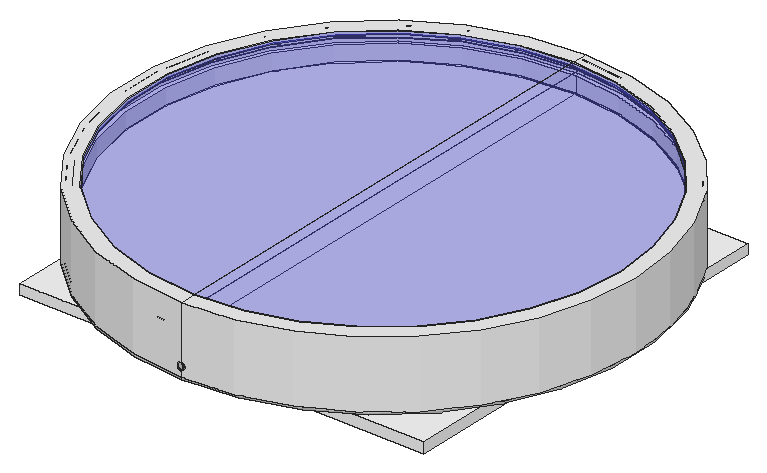
Revit family "BE_34022.1_de_DE", category Leuchten, Revit 2020
Family settings
  Basisbauteil = Fläche
  Bemaßung runder Anschluss = Durchmesser verwenden
  Teiletyp = Normal
  Beim Laden mit Abzugskörper schneiden = Ja
  Lichtquelle = Ja
  Gemeinsam genutzt = Nein
  Raumberechnungspunkt = Ja
Parameters (values of type "BEGA_34022.1_K3")
  built-in parameter 1150104 = 16.072 (stored number, unit not read)
  Wattage = 67.2 W
  Default Elevation = 0 mm
  built-in parameter 1150113 = 1 (stored number, unit not read)
  built-in parameter 1114218 = 1 (stored number, unit not read)
  Umgebungstemperatur = "25 °C"
  URL = "http://www.bega.de/de/produkt/34022.1"
  Typenkommentare = "© 2022 BEGA. Wir behalten uns das Recht vor, technische Änderungen ohne vorherige Ankündigung vorzunehmen."  # constant formula
  built-in parameter 1150134 = 12
  built-in parameter 1150109 = 1 (stored number, unit not read)
  Strom = ""
  built-in parameter 1150110 = 1 (stored number, unit not read)
  Spannung = 239.996 V
  Sonderanfertigung = no
  Seriennummer [instance] = "Hier können Sie die eindeutige Seriennummer für das Facility Management eintragen."
  Schutzklasse = "I"
  Schutzart = "IP 20"
  Scheinlast = 0 VA
  Produktdatenblatt = "http://www.bega.de/download/Xrfa/db/34022.1.db.de.pdf"
  Oberflächentemperatur = ""
  Neigungswinkel = 0.00°
  Model = "34022.1K4"
  Material_17 = BEGA_Reflektor
  Material_15 = BEGA_Leuchtmedium_matt
  Material_11 = BEGA_Glas_opal
  Material_09 = BEGA_Glas_klar
  Material_06 = BEGA_Oberfläche_Edelstahl_gebürstet
  Material_03 = BEGA_Oberfläche_Weiss_matt
  Material_02 = BEGA_Oberfläche_Silber_matt
  Material_01 [instance] = BEGA_Oberfläche_Grafit_matt
  M_W = no
  M_G = no
  M_A = no
  Logo = 0
  built-in parameter 1114217 = 1 (stored number, unit not read)
  built-in parameter 1150139 = (empty or 0)
  built-in parameter 1150105 = 925.14 (stored number, unit not read)
  built-in parameter 1150114 = 1 (stored number, unit not read)
  Lumens = 11625.6 lm
  built-in parameter 1150115 = 1 (stored number, unit not read)
  Leuchtenlichtstrom = "6347 lm"
  Leuchtenanzahl = ""
  Lebensdauerkriterien = "L70B50 @ 25 °C = 404000 h"
  Lastklassifizierung = Beleuchtung
  built-in parameter 1150112 = 1 (stored number, unit not read)
  Lampenlichtstrom = "11670 lm"
  Lampe = "LED 67.2 W"
  LED_Modulbezeichnung = "6x LED-0729/940"
  Hersteller = "BEGA"  # constant formula
  Halbstreuwinkel = ""
  Gewicht = "11.1 kg"
  Gebrauchslageneinschränkung [instance] = ""
  Frequenz = "0/50-60 Hz"
  Farbwiedergabeindex = "CRI > 90"
  Farbtemperaturverschiebung bei Dämpfen der Lampe = <Keine Auswahl>
  Farbtemperatur = "4000 K"
  Color Filter = 16777215
  built-in parameter 1150133 = 10 (stored number, unit not read)
  Energieeffizienzklasse = "LED A++ - A"
  built-in parameter 1150137 = (empty or 0)
  built-in parameter 1150132 = (empty or 0)
  ENEC = ""
  Dimmbar [instance] = "DALI"
  Photometric Web File = "BE_34022K4.IES"
  CE_Konformität = "ja"
  Bestellnummer = "34022.1K4"
  Beschreibung_Sonderanfertigung = "Hier können Sie Informationen zur Sonderanfertigung eintragen."
  Beschreibung = "Decken- und Wandleuchte"
  built-in parameter 1150106 = 9.2514 (stored number, unit not read)
  Befestigungsbohrung = ""
  Befestigungsabstand = ""
  Ballwurfsicher = ""
  BEGA_Intern_aus = yes
  BEGA_Intern_an = yes
  BEGA_Intern_Konstruktion = yes
  BEGA_Intern = yes
  BEGA_IES = yes
  BEGA_Dummy = no
  Anschlussleitung = ""
  Anschlussleistung [instance] = "76.4 W"
  Anschlusskasten = ""
  built-in parameter 1150107 = 4000 (stored number, unit not read)
  built-in parameter 1150102 = (empty or 0)
  built-in parameter 1150138 = (empty or 0)
  Aktualisierung = "2019-10-09T04:00:11"
  Abstand_zur_angestrahlten_Fläche [instance] = ""
  AC/DC = "AC/DC"
Reference planes
  plane 1 "Mitte (Vorne/Hinten)": y = 0
  plane 2: z = 0
  plane 3 "Mitte (Links/Rechts)": x = 0
  plane 4 "Links": x = -250
  plane 5 "Rechts": x = 250
  plane 6 "Unten": y = -250
  plane 7 "Oben": y = 250
  plane 8 "Vorne": z = 75.3
  plane 9 "Hinten": z = 0
Forms (mm)
  Extrusion 1, solid, material "BEGA_Platte_Weiss"
    sketch origin (0, -1119.2, 0) x (1, 0, 0) y (0, 1, 0)
      loop
        line (-200, 1319.2) -> (-200, 919.2) -> (200, 919.2) -> (200, 1319.2) -> (-200, 1319.2)
    from 0 to -10
  Extrusion 2, solid, material "BEGA_Dummy_matt", visible <- "BEGA_Dummy"
    sketch origin (77.149, -76.023, 0) x (1, 0, 0) y (0, 1, 0)
      loop
        circle (-77.149, 76.023) r 250
    from 0 to 75.3
Dimensions and locks
  plane 1 "Mitte (Vorne/Hinten)" to Extrusion 1 = 200 mm
  aligned and locked: plane 2 to Extrusion 1
  aligned and locked: level to Extrusion 1
Nested families
  nested 1: "BE_34022.1" at (0, 0, 0) x (0, 1, 0) z (0, 0, 1), type "BE_34022.1"
Connectors
  electrical at (0, 0, 0), driven by "Lastklassifizierung", driven by "Spannung", driven by "Scheinlast"
    settings: index 1, voltage 239.996 V, apparent load 0 VA, apparent load phase1 0 VA, apparent load phase2 0 VA, apparent load phase3 0 VA, power factor 1, load classification "Beleuchtung", number of poles 1, system type 31, power factor state 1, is connector primary yes, connector utility no, sub classification motor no, connector description ""
Definition of nested family "BE_34022.1"
  Parameters (values of type "BE_34022.1")
    Default Elevation = 1 mm
    URL = "http://www.bega.de/de/produkt"
    Type Comments = "© 2015 BEGA. Wir behalten uns das Recht vor, technische Änderungen ohne vorherige Ankündigung vorzunehmen. "  # constant formula
    Type Image = (empty or 0)
    Neigungswinkel_um_Z2 = 0.00°
    Neigungswinkel_um_Z1 = 0.00°
    Neigungswinkel_um_Y2 = 0.00°
    Neigungswinkel_um_Y1 = 0.00°
    Neigungswinkel_um_X2 = 0.00°
    Neigungswinkel_um_X1 = 0.00°
    Material_17 = none
    Material_15 = none
    Material_11 = none
    Material_09 = none
    Material_06 = none
    Material_05 = none
    Material_03 = none
    Material_02 = none
    Material_01 = none
    M_W = yes
    M_G = yes
    M_A = yes
    Länge_Platte = 700 mm  # constant formula
    Höhe_Platte = -10 mm  # constant formula
    Manufacturer = "BEGA"  # constant formula
    Drehwinkel_um_Z2 = 0.00°
    Drehwinkel_um_Z1 = 0.00°
    Breite_Platte = 700 mm  # constant formula
  Reference planes
    plane 1 "Mitte (Oben/Unten)": y = 0
    plane 2: z = 0
    plane 3 "Mitte (Links/Rechts)": x = 0
    plane 4: x = -250
    plane 5: x = 250
    plane 6: z = 75.5
    plane 7: y = -250
    plane 8: y = 250
  Forms (mm)
    Extrusion 1, solid, detail levels medium
      sketch origin (0, 0, 0) x (1, 0, 0) y (0, 1, 0)
        loop
          line (-350, 350) -> (-350, -350) -> (350, -350) -> (350, 350) -> (-350, 350)
      from 0 to -10 <- "Höhe_Platte"
    Extrusion 2, solid, material <- "Material_03", detail levels medium+fine
      sketch origin (0, 0, 0) x (1, 0, 0) y (0, 0, 1)
        loop
          line (-208.75, 37.3) -> (-211.75, 37.3) -> (-211.75, 8.3)
          arc (-211.75, 8.3) -> (-210.578, 5.472) -> (-207.75, 4.3) r 4
          line (-207.75, 4.3) -> (7.28, 4.3) -> (7.28, 7.3) -> (-207.75, 7.3)
          arc (-207.75, 7.3) -> (-208.457, 7.593) -> (-208.75, 8.3) r 1
          line (-208.75, 8.3) -> (-208.75, 37.3)
        loop
          line (100.806, 4.3) -> (217.25, 4.3) -> (217.25, 7.3) -> (100.806, 7.3) -> (100.806, 4.3)
      from -68 to 68
    Extrusion 3, solid, material <- "Material_03", detail levels medium+fine
      sketch origin (0, 0, 0) x (1, 0, 0) y (0, 0, 1)
        loop
          line (100.806, 4.3) -> (7.28, 4.3) -> (7.28, 0.3) -> (100.806, 0.3) -> (100.806, 4.3)
      from -170.471 to 171.085
    Revolve 4, solid, material <- "Material_03", detail levels medium+fine
      sketch origin (0, 0, 0) x (1, 0, 0) y (0, 0, 1)
        loop
          line (165.473, 4.3) -> (170.908, 0) -> (174.5, 0) -> (174.5, 3.044) -> (171.895, 3.044) -> (166.6, 7.3) -> (163.018, 7.3) -> (163.018, 4.3) -> (165.473, 4.3)
        axis (177.25, 0) -> (177.25, 7.3)
      angle from 0 to 360
    Revolve 5, solid, material <- "Material_03", detail levels medium+fine
      sketch origin (-50, 30, 0) x (1, 0, 0) y (0, 0, 1)
        loop
          line (165.473, 4.3) -> (170.908, 0) -> (174.5, 0) -> (174.5, 3.044) -> (171.895, 3.044) -> (166.6, 7.3) -> (163.018, 7.3) -> (163.018, 4.3) -> (165.473, 4.3)
        axis (177.25, 0) -> (177.25, 7.3)
      angle from 0 to 360
    Revolve 6, solid, material <- "Material_03", detail levels medium+fine
      sketch origin (-50, -30, 0) x (1, 0, 0) y (0, 0, 1)
        loop
          line (165.473, 4.3) -> (170.908, 0) -> (174.5, 0) -> (174.5, 3.044) -> (171.895, 3.044) -> (166.6, 7.3) -> (163.018, 7.3) -> (163.018, 4.3) -> (165.473, 4.3)
        axis (177.25, 0) -> (177.25, 7.3)
      angle from 0 to 360
    Revolve 7, solid, material <- "Material_03", detail levels medium+fine
      sketch origin (-235, 0, 0) x (1, 0, 0) y (0, 0, 1)
        loop
          line (165.473, 4.3) -> (170.908, 0) -> (174.5, 0) -> (174.5, 3.044) -> (171.895, 3.044) -> (166.6, 7.3) -> (163.018, 7.3) -> (163.018, 4.3) -> (165.473, 4.3)
        axis (177.25, 0) -> (177.25, 7.3)
      angle from 0 to 360
    Revolve 8, solid, material <- "Material_03", detail levels medium+fine
      sketch origin (-360, -40, 0) x (1, 0, 0) y (0, 0, 1)
        loop
          line (165.473, 4.3) -> (170.908, 0) -> (174.5, 0) -> (174.5, 3.044) -> (171.895, 3.044) -> (166.6, 7.3) -> (163.018, 7.3) -> (163.018, 4.3) -> (165.473, 4.3)
        axis (177.25, 0) -> (177.25, 7.3)
      angle from 0 to 360
    Revolve 9, solid, material <- "Material_03", detail levels medium+fine
      sketch origin (-360, 40, 0) x (1, 0, 0) y (0, 0, 1)
        loop
          line (165.473, 4.3) -> (170.908, 0) -> (174.5, 0) -> (174.5, 3.044) -> (171.895, 3.044) -> (166.6, 7.3) -> (163.018, 7.3) -> (163.018, 4.3) -> (165.473, 4.3)
        axis (177.25, 0) -> (177.25, 7.3)
      angle from 0 to 360
    Revolve 10, solid, material <- "Material_03", detail levels medium+fine
      sketch origin (0, 0, 0) x (1, 0, 0) y (0, 0, 1)
        loop
          line (-235, 72.5) -> (-235, 75.5) -> (-250, 75.5) -> (-250, 9)
          arc (-250, 9) -> (-248.975, 6.525) -> (-246.5, 5.5) r 3.5
          arc (-246.5, 5.5) -> (-245.892, 5.553) -> (-245.303, 5.711) r 3.5
          line (-245.303, 5.711) -> (-241.5, 7.095) -> (-242.526, 9.914) -> (-246.329, 8.53)
          arc (-246.329, 8.53) -> (-246.787, 8.591) -> (-247, 9) r 0.5
          line (-247, 9) -> (-247, 71.5)
          arc (-247, 71.5) -> (-246.707, 72.207) -> (-246, 72.5) r 1
          line (-246, 72.5) -> (-235, 72.5)
        axis (0, 5.5) -> (0, 75.5)
      angle from 0 to 360
    Revolve 11, solid, material <- "Material_03", detail levels medium+fine
      sketch origin (0, 0, 0) x (1, 0, 0) y (0, 0, 1)
        loop
          line (-241, 62.5) -> (-241, 47.302)
          arc (-241, 47.302) -> (-239.682, 44.12) -> (-236.5, 42.8) r 4.5
          line (-236.5, 42.8) -> (0, 42.8) -> (0, 46.8) -> (-236.5, 46.8)
          arc (-236.5, 46.8) -> (-236.854, 46.947) -> (-237, 47.3) r 0.5
          line (-237, 47.3) -> (-237, 62.5) -> (-241, 62.5)
        axis (0, 42.8) -> (0, 62.5)
      angle from 0 to 360
    Revolve 12, solid, material <- "Material_11", detail levels medium+fine
      sketch origin (0, 0, 0) x (1, 0, 0) y (0, 0, 1)
        loop
          arc (-234, 71.5) -> (-234.146, 71.147) -> (-234.5, 71) r 0.5
          line (-234.5, 71) -> (-241, 71) -> (-241, 65.3) -> (0, 65.3) -> (0, 75.3) -> (-234, 75.3) -> (-234, 71.5)
        axis (0, 65.3) -> (0, 75.3)
      angle from 0 to 360
    Extrusion 13, void
      sketch origin (0, 0, 0) x (1, 0, 0) y (0, 1, 0)
        loop
          circle (-12.75, 12) r 8.5
        loop
          circle (-12.75, 47) r 8.5
      from 0 to 11.8
    Revolve 14, void
      sketch origin (0, 0, 0) x (1, 0, 0) y (0, 0, 1)
        loop
          line (-244.826, 23) -> (-250.623, 23) -> (-250.623, 19) -> (-244.826, 19) -> (-244.826, 23)
        axis (-250.623, 19) -> (-244.826, 19)
      angle from 0 to 360
    Revolve 15, solid, material <- "Material_06", detail levels fine
      sketch origin (0, 0, 0) x (1, 0, 0) y (0, 0, 1)
        loop
          line (-247, 22.25) -> (-250, 21.75) -> (-250, 19) -> (-199.59, 19) -> (-199.59, 22.25) -> (-228, 22.25) -> (-234.7, 25) -> (-247, 25) -> (-247, 22.25)
        axis (-250, 19) -> (-199.59, 19)
      angle from 0 to 360
  Cuts and joins
    Extrusion 13 cuts Extrusion 2
    Extrusion 13 cuts Extrusion 3
    Extrusion 13 cuts Revolve 4
    Extrusion 13 cuts Revolve 5
    Extrusion 13 cuts Revolve 6
    Extrusion 13 cuts Revolve 7
    Extrusion 13 cuts Revolve 8
    Extrusion 13 cuts Revolve 9
    Extrusion 13 cuts Revolve 11
    joined: Extrusion 2, Extrusion 3, Revolve 4, Revolve 5, Revolve 6, Revolve 7, Revolve 8, Revolve 9, Revolve 11
    Revolve 14 cuts Revolve 10
  Dimensions and locks
    equal spacing: Extrusion 1 sketch curve, plane 3 "Mitte (Links/Rechts)", Extrusion 1 sketch curve
    equal spacing: Extrusion 1 sketch curve, plane 1 "Mitte (Oben/Unten)", Extrusion 1 sketch curve
    "Länge_Platte": Extrusion 1 sketch curve to Extrusion 1 sketch curve
    "Breite_Platte": Extrusion 1 sketch curve to Extrusion 1 sketch curve
    aligned and locked: Extrusion 1 to plane 2
    aligned and locked: level to Extrusion 1
  Automatic sketch dimensions
    Extrusion 2 sketch curve to Extrusion 2 sketch curve = 0 mm  (x2)
    Extrusion 2 sketch curve to Extrusion 2 sketch curve = 3 mm
    Extrusion 2 sketch curve to Extrusion 2 sketch curve = 1 mm
    plane 3 "Mitte (Links/Rechts)" to Extrusion 2 sketch curve = 7.28 mm
    level to Extrusion 2 sketch curve = 7.3 mm
    Extrusion 2 sketch curve to Extrusion 2 sketch curve = 93.526 mm
    level to Extrusion 2 sketch curve = 4.3 mm  (x2)
    Extrusion 2 sketch curve to Extrusion 2 sketch curve = 29 mm
    plane 3 "Mitte (Links/Rechts)" to Extrusion 3 sketch curve = 7.28 mm
    level to Extrusion 3 sketch curve = 0.3 mm
    Extrusion 3 sketch curve to Extrusion 3 sketch curve = 93.526 mm
    Extrusion 3 sketch curve to Extrusion 3 sketch curve = 4 mm
    Revolve 4 sketch curve to level = 0 mm
    level to Revolve 4 sketch curve = 4.3 mm
    Revolve 4 sketch curve to Revolve 4 sketch curve = 2.456 mm
    Revolve 4 sketch curve to Revolve 4 sketch curve = 1.127 mm
    Revolve 4 sketch curve to Revolve 4 sketch curve = 5.434 mm
    Revolve 4 sketch curve to Revolve 4 sketch curve = 0.988 mm
    Revolve 4 sketch curve to Revolve 4 sketch curve = 3.592 mm
    Revolve 4 sketch curve to Revolve 4 sketch curve = 3.044 mm
    Revolve 4 sketch curve to Revolve 4 sketch curve = 3 mm
    Revolve 4 sketch curve to Revolve 4 sketch curve = 2.75 mm
    Revolve 4 sketch curve to level = 1.26 mm
    Revolve 4 sketch curve to Revolve 4 sketch curve = 2.283 mm
    Revolve 5 sketch curve to level = 0 mm
    level to Revolve 5 sketch curve = 4.3 mm
    Revolve 5 sketch curve to Revolve 5 sketch curve = 2.456 mm
    Revolve 5 sketch curve to Revolve 5 sketch curve = 1.127 mm
    Revolve 5 sketch curve to Revolve 5 sketch curve = 5.434 mm
    Revolve 5 sketch curve to Revolve 5 sketch curve = 0.988 mm
    Revolve 5 sketch curve to Revolve 5 sketch curve = 3.592 mm
    Revolve 5 sketch curve to Revolve 5 sketch curve = 3.044 mm
    Revolve 5 sketch curve to Revolve 5 sketch curve = 3 mm
    Revolve 5 sketch curve to Revolve 5 sketch curve = 2.75 mm
    Revolve 5 sketch curve to level = 1.26 mm
    Revolve 5 sketch curve to Revolve 5 sketch curve = 2.283 mm
    Revolve 6 sketch curve to level = 0 mm
    level to Revolve 6 sketch curve = 4.3 mm
    Revolve 6 sketch curve to Revolve 6 sketch curve = 2.456 mm
    Revolve 6 sketch curve to Revolve 6 sketch curve = 1.127 mm
    Revolve 6 sketch curve to Revolve 6 sketch curve = 5.434 mm
    Revolve 6 sketch curve to Revolve 6 sketch curve = 0.988 mm
    Revolve 6 sketch curve to Revolve 6 sketch curve = 3.592 mm
    Revolve 6 sketch curve to Revolve 6 sketch curve = 3.044 mm
    Revolve 6 sketch curve to Revolve 6 sketch curve = 3 mm
    Revolve 6 sketch curve to Revolve 6 sketch curve = 2.75 mm
    Revolve 6 sketch curve to level = 1.26 mm
    Revolve 6 sketch curve to Revolve 6 sketch curve = 2.283 mm
    Revolve 7 sketch curve to level = 0 mm
    level to Revolve 7 sketch curve = 4.3 mm
    Revolve 7 sketch curve to plane 3 "Mitte (Links/Rechts)" = 71.982 mm
    Revolve 7 sketch curve to Revolve 7 sketch curve = 2.456 mm
    Revolve 7 sketch curve to Revolve 7 sketch curve = 1.127 mm
    Revolve 7 sketch curve to Revolve 7 sketch curve = 5.434 mm
    Revolve 7 sketch curve to Revolve 7 sketch curve = 0.988 mm
    Revolve 7 sketch curve to Revolve 7 sketch curve = 3.592 mm
    Revolve 7 sketch curve to Revolve 7 sketch curve = 3.044 mm
    Revolve 7 sketch curve to Revolve 7 sketch curve = 3 mm
    Revolve 7 sketch curve to Revolve 7 sketch curve = 2.75 mm
    Revolve 7 sketch curve to level = 1.26 mm
    Revolve 7 sketch curve to Revolve 7 sketch curve = 2.283 mm
    Revolve 8 sketch curve to level = 0 mm
    Revolve 8 sketch curve to Revolve 8 sketch curve = 2.456 mm
    Revolve 8 sketch curve to Revolve 8 sketch curve = 1.127 mm
    Revolve 8 sketch curve to Revolve 8 sketch curve = 5.434 mm
    Revolve 8 sketch curve to Revolve 8 sketch curve = 0.988 mm
    Revolve 8 sketch curve to Revolve 8 sketch curve = 3.592 mm
    Revolve 8 sketch curve to Revolve 8 sketch curve = 3.044 mm
    level to Revolve 8 sketch curve = 4.3 mm
    Revolve 8 sketch curve to Revolve 8 sketch curve = 3 mm
    Revolve 8 sketch curve to Revolve 8 sketch curve = 2.75 mm
    Revolve 8 sketch curve to level = 1.26 mm
    Revolve 8 sketch curve to Revolve 8 sketch curve = 2.283 mm
    Revolve 9 sketch curve to level = 0 mm
    Revolve 9 sketch curve to Revolve 9 sketch curve = 2.456 mm
    Revolve 9 sketch curve to Revolve 9 sketch curve = 1.127 mm
    Revolve 9 sketch curve to Revolve 9 sketch curve = 5.434 mm
    Revolve 9 sketch curve to Revolve 9 sketch curve = 0.988 mm
    Revolve 9 sketch curve to Revolve 9 sketch curve = 3.592 mm
    Revolve 9 sketch curve to Revolve 9 sketch curve = 3.044 mm
    level to Revolve 9 sketch curve = 4.3 mm
    Revolve 9 sketch curve to Revolve 9 sketch curve = 3 mm
    Revolve 9 sketch curve to Revolve 9 sketch curve = 2.75 mm
    Revolve 9 sketch curve to level = 1.26 mm
    Revolve 9 sketch curve to Revolve 9 sketch curve = 2.283 mm
    Revolve 10 sketch curve to Revolve 10 sketch curve = 0 mm  (x13)
    Revolve 10 sketch curve to plane 3 "Mitte (Links/Rechts)" = 0 mm
    level to Revolve 10 sketch curve = 7.095 mm
    level to Revolve 10 sketch curve = 9.914 mm
    Revolve 10 sketch curve to Revolve 10 sketch curve = 1.026 mm
    Revolve 10 sketch curve to Revolve 10 sketch curve = 11 mm
    Revolve 10 sketch curve to Revolve 10 sketch curve = 3.974 mm
    Revolve 10 sketch curve to Revolve 10 sketch curve = 1 mm
    Revolve 10 sketch curve to Revolve 10 sketch curve = 4 mm
    Revolve 10 sketch curve to Revolve 10 sketch curve = 0.914 mm
    Revolve 10 sketch curve to Revolve 10 sketch curve = 61.586 mm
    Revolve 10 sketch curve to Revolve 10 sketch curve = 3 mm
    level to Revolve 10 sketch curve = 5.711 mm
    Revolve 10 sketch curve to Revolve 10 sketch curve = 1.197 mm  (x2)
    level to Revolve 10 sketch curve = 8.53 mm
    Revolve 10 sketch curve to Revolve 10 sketch curve = 0.171 mm
    level to Revolve 10 sketch curve = 57.5 mm
    Revolve 10 sketch curve to Revolve 10 sketch curve = 25 mm
    Revolve 11 sketch curve to plane 3 "Mitte (Links/Rechts)" = 0 mm  (x2)
    Revolve 11 sketch curve to Revolve 11 sketch curve = 0 mm  (x3)
    Revolve 11 sketch curve to Revolve 11 sketch curve = 0.5 mm
    Revolve 11 sketch curve to Revolve 11 sketch curve = 4 mm  (x2)
    level to Revolve 11 sketch curve = 42.8 mm
    Revolve 11 sketch curve to Revolve 11 sketch curve = 0.002 mm
    Revolve 11 sketch curve to Revolve 11 sketch curve = 15.199 mm
    Revolve 11 sketch curve to Revolve 11 sketch curve = 11.048 mm
    Revolve 11 sketch curve to Revolve 11 sketch curve = 8.303 mm
    Revolve 12 sketch curve to plane 3 "Mitte (Links/Rechts)" = 0 mm  (x2)
    Revolve 12 sketch curve to Revolve 12 sketch curve = 0.5 mm
    level to Revolve 12 sketch curve = 65.3 mm
    Revolve 12 sketch curve to Revolve 12 sketch curve = 5.7 mm
    Revolve 12 sketch curve to Revolve 12 sketch curve = 10 mm  (x2)
    Revolve 12 sketch curve to Revolve 12 sketch curve = 6.5 mm
    Revolve 12 sketch curve to Revolve 12 sketch curve = 5 mm
    Extrusion 13 sketch curve to plane 3 "Mitte (Links/Rechts)" = 12.75 mm  (x2)
    Extrusion 13 sketch curve to plane 1 "Mitte (Oben/Unten)" = 12 mm
    Extrusion 13 sketch curve to Extrusion 13 sketch curve = 35 mm
    plane 4 to Extrusion 2 sketch curve = 42.25 mm
    plane 4 to Revolve 8 sketch curve = 53.018 mm
    plane 4 to Revolve 9 sketch curve = 53.018 mm
    Revolve 10 sketch curve to plane 4 = 0 mm
    Revolve 10 sketch curve to Revolve 10 sketch curve = 0.5 mm
    plane 4 to Revolve 11 sketch curve = 13.5 mm
    plane 4 to Revolve 12 sketch curve = 16 mm
    plane 5 to Extrusion 2 sketch curve = 32.75 mm
    plane 5 to Revolve 4 sketch curve = 86.982 mm
    plane 3 "Mitte (Links/Rechts)" to Revolve 5 sketch curve = 113.018 mm
    plane 3 "Mitte (Links/Rechts)" to Revolve 6 sketch curve = 113.018 mm
    Revolve 14 sketch curve to plane 4 = 0.623 mm
    plane 4 to Revolve 14 sketch curve = 5.174 mm
    level to Revolve 14 sketch curve = 19 mm
    Revolve 14 sketch curve to Revolve 14 sketch curve = 4 mm
    Revolve 14 sketch curve to Revolve 14 sketch curve = 0 mm  (x3)
    Revolve 15 sketch curve to plane 4 = 0 mm
    plane 4 to Revolve 15 sketch curve = 3 mm
    Revolve 15 sketch curve to Revolve 15 sketch curve = 12.3 mm
    Revolve 15 sketch curve to Revolve 15 sketch curve = 6.7 mm
    Revolve 15 sketch curve to Revolve 15 sketch curve = 28.41 mm
    level to Revolve 15 sketch curve = 19 mm
    Revolve 15 sketch curve to Revolve 15 sketch curve = 2.75 mm  (x2)
    Revolve 15 sketch curve to Revolve 15 sketch curve = 3.25 mm
    Revolve 15 sketch curve to Revolve 15 sketch curve = 6.463 mm
    Revolve 15 sketch curve to Revolve 15 sketch curve = 2.032 mm
    Revolve 15 sketch curve to Revolve 15 sketch curve = 6 mm
    Revolve 15 sketch curve to Revolve 15 sketch curve = 0.5 mm
    radius of Extrusion 13 sketch curve = 8.5 mm  (x2)
